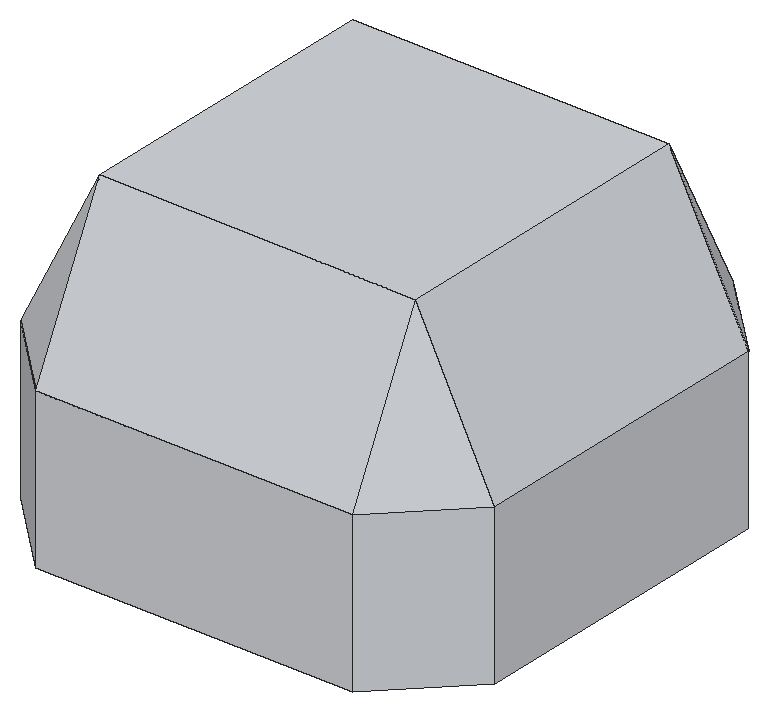
Revit family "2025 Blend Example", category Generic Models, Revit 2025
Family settings
  Can host rebar = No
  Round Connector Dimension = Use Diameter
  Part Type = Normal
  Work Plane-Based = No
  Always vertical = Yes
  Cut with Voids When Loaded = No
  Maintain Annotation Orientation = No
  Shared = No
  Room Calculation Point = No
Parameters
  Upper Section Height = 2' - 0"
  Enter Top Width = 4' - 0"
  Enter Base Width = 6' - 0"
  Calc Width Top = if(Enter Top Width < Enter Base Width, Enter Top Width, Enter Base Width - (Enter Base Width - 1' 0"))  # 4' - 0"
  Calc Width Base = if(Enter Base Width > Enter Top Width, Enter Base Width, Enter Base Width - 1' 0")  # 6' - 0"
  Height = 4' - 0"
  Default Elevation = 0' - 0"
Reference planes (in)
  plane 1 "Center (Front/Back)": y = 0
  plane 2: z = 0
  plane 3 "Center (Left/Right)": x = 0
  plane 4: y = -24
  plane 5: y = 24
  plane 6: x = -24
  plane 7: x = 24
  plane 8: x = -36
  plane 9: y = 36
  plane 10: x = 36
  plane 11: y = -36
  plane 12: z = 48
  plane 13 "Base Transition": z = 24
Forms (in)
  Blend 1, solid
    base sketch origin (0, 0, 0) x (1, 0, 0) y (0, 1, 0)
      loop
        line (-24, 24) -> (-24, -24) -> (24, -24) -> (24, 24) -> (-24, 24)
    top sketch origin (0, 0, 0) x (1, 0, 0) y (0, 1, 0)
      loop
        line (-36, 24) -> (-36, -24) -> (-24, -36) -> (24, -36) -> (36, -24) -> (36, 24) -> (24, 36) -> (-24, 36) -> (-36, 24)
    from 48 to 24
  Extrusion 2, solid
    sketch origin (0, 0, 0) x (1, 0, 0) y (0, 1, 0)
      loop
        line (-24, 36) -> (-36, 24) -> (-36, -24) -> (-24, -36) -> (24, -36) -> (36, -24) -> (36, 24) -> (24, 36) -> (-24, 36)
    from 0 to 24
Dimensions and locks (in)
  equal spacing: plane 6, plane 3 "Center (Left/Right)", plane 7
  equal spacing: plane 8, plane 3 "Center (Left/Right)", plane 10
  equal spacing: plane 9, plane 1 "Center (Front/Back)", plane 11
  equal spacing: plane 5, plane 1 "Center (Front/Back)", plane 4
  "Calc Width Top": plane 6 to plane 7
  "Calc Width Top": plane 5 to plane 4
  "Height": plane 12 to level
  "Calc Width Base": plane 8 to plane 10
  "Calc Width Base": plane 9 to plane 11
  "Upper Section Height": plane 12 to plane 13 "Base Transition"
  aligned and locked: plane 2 to level
  aligned and locked: Blend 1 sketch curve to plane 5
  aligned and locked: Blend 1 sketch curve to plane 6
  aligned and locked: Blend 1 sketch curve to plane 4
  aligned and locked: Blend 1 sketch curve to plane 7
  aligned and locked: plane 8 to Blend 1 sketch curve
  aligned and locked: Blend 1 sketch curve to plane 9
  aligned and locked: Blend 1 sketch curve to plane 10
  aligned and locked: plane 11 to Blend 1 sketch curve
  aligned and locked: plane 12 to Blend 1
  aligned and locked: Blend 1 to plane 13 "Base Transition"
  aligned and locked: Extrusion 2 sketch curve to plane 9
  aligned and locked: Extrusion 2 sketch curve to plane 10
  aligned and locked: plane 11 to Extrusion 2 sketch curve
  aligned and locked: plane 8 to Extrusion 2 sketch curve
  aligned and locked: Extrusion 2 to Blend 1
Automatic sketch dimensions
  Blend 1 sketch curve to plane 5 = 0' - 0"  (x2)
  plane 4 to Blend 1 sketch curve = 0' - 0"  (x2)
  Blend 1 sketch curve to plane 6 = 0' - 0"  (x2)
  Blend 1 sketch curve to plane 7 = 0' - 0"  (x2)
  Extrusion 2 sketch curve to plane 5 = 0' - 0"  (x2)
  Extrusion 2 sketch curve to plane 6 = 0' - 0"  (x2)
  Extrusion 2 sketch curve to plane 7 = 0' - 0"  (x2)
  plane 4 to Extrusion 2 sketch curve = 0' - 0"  (x2)
